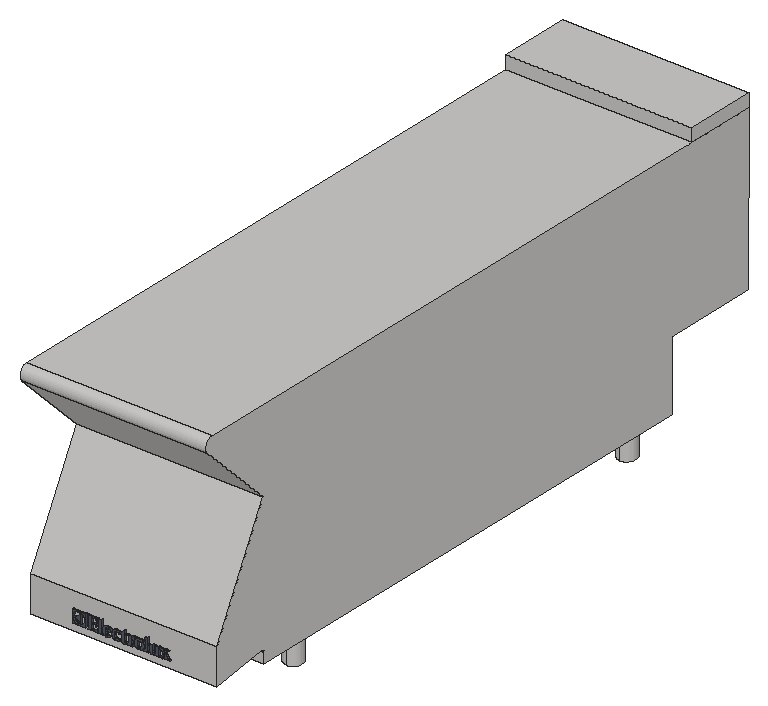
Revit family "QF_ELECTROLUXPROFESSIONAL_371115_E7WTNBN000", category Specialty Equipment, Revit 2018
Family settings
  Round Connector Dimension = Use Diameter
  Part Type = Normal
  Work Plane-Based = No
  Always vertical = Yes
  Cut with Voids When Loaded = No
  Shared = No
  Room Calculation Point = No
Parameters
  Width = 200 mm  # constant formula
  Weight in Pounds = 0
  URL Cutsheet = "www.electrolux.com"
  URL = "www.electrolux.com"
  Type Mark [instance] = ""
  Status [instance] = ""
  Specification by User [instance] = ""
  Specification by Manufacturer = ""
  Show Logo [instance] = yes
  Serial Number = ""
  Seismic Rating = ""
  SMACNA No = ""
  Revision Code [instance] = ""
  Omniclass Number and Title = ""
  NAFEM Spec ID Number = ""
  Model = "371115"
  Masterspec = ""
  Manufacturer = "ELECTROLUX"
  Item Number [instance] = ""
  Installed By [instance] = ""
  Identify Quantity as Lot [instance] = yes
  Height = 288.925 mm  # constant formula
  Furnished By [instance] = ""
  Foodservice Equipment Identifier [instance] = yes
  Direct Waste Size = 0"
  Description = "700XP 1/4 Module Ambient Worktop with Closed Front"
  Depth = 730.25 mm  # constant formula
  CSI MasterFormat = ""
  CSI Master Format = ""
  Base Height = 23.813 mm  # constant formula
Reference planes
  plane 1 "BACK": y = 0
  plane 2: z = 0
  plane 3 "LEFT": x = 0
  plane 4 "RIGHT": x = 200
  plane 5 "FRONT": y = -730.25
  plane 6 "TOP": z = 274.638
  plane 7 "Center Y": x = 100
  plane 8 "Center X": y = -365.125
  plane 9: z = 23.813
  plane 10: z = 288.925
Forms (mm)
  Extrusion 1, solid, material "QF_Finishes_Stainless Steel"
    sketch origin (0, 0, 0) x (0, 1, 0) y (0, 0, 1)
      loop
        line (0, 98.425) -> (0, 274.638) -> (-721.5, 274.638)
        arc (-721.5, 274.638) -> (-729.472, 269.31) -> (-727.602, 259.906) r 8.63
        line (-727.602, 259.906) -> (-654.039, 186.343) -> (-715.962, 68.584) -> (-715.962, 30.162) -> (-655.839, 38.612)
        arc (-655.839, 38.612) -> (-653.314, 37.864) -> (-652.222, 35.468) r 3.175
        line (-652.222, 35.468) -> (-652.222, 23.813) -> (-103.188, 23.813) -> (-103.188, 98.425) -> (0, 98.425)
    from 0 to 200
  Extrusion 2, solid, material "QF_Finishes_Stainless Steel"
    sketch origin (0, 0, 0) x (1, 0, 0) y (0, 1, 0)
      loop
        circle (11.112, -149.225) r 9.525
      loop
        circle (188.888, -149.225) r 9.525
      loop
        circle (11.112, -598.488) r 9.525
      loop
        circle (188.888, -598.488) r 9.525
    from 0 to 23.812
  Extrusion 3, solid, material "QF_Finishes_Stainless Steel"
    sketch origin (0, 0, 0) x (0, 1, 0) y (0, 0, 1)
      loop
        line (0, 274.638) -> (0, 288.925) -> (-76.2, 288.925) -> (-76.2, 274.638) -> (0, 274.638)
    from 0 to 200
  Extrusion 4, solid, material "QF_Finishes_Navy Blue", visible <- "Show Logo"
    sketch origin (10.429, -715.962, -347.662) x (0, 0, 1) y (-1, 0, 0)
      loop
        line (399.239, -44.568) -> (386.873, -44.568)
        arc (386.873, -44.568) -> (393.056, -49.139) -> (399.239, -44.568) r 6.467
      loop
        arc (399.239, -43.939) -> (398.07, -38.796) -> (393.414, -36.318) r 6.338
        line (393.414, -36.318) -> (393.414, -38.364)
        arc (393.414, -38.364) -> (394.898, -42.019) -> (398.344, -43.939) r 5.941
        line (398.344, -43.939) -> (399.239, -43.939)
      loop
        arc (387.768, -43.939) -> (391.214, -42.019) -> (392.697, -38.364) r 5.941
        line (392.697, -38.364) -> (392.697, -36.318)
        arc (392.697, -36.318) -> (388.003, -38.792) -> (386.714, -43.939) r 6.504
        line (386.714, -43.939) -> (387.768, -43.939)
      loop
        line (399.914, -35.849) -> (386.17, -35.849) -> (386.17, -49.611) -> (399.914, -49.611) -> (399.914, -35.849)
      loop
        arc (399.998, -52.579) -> (399.65, -52.222) -> (399.283, -52.559) r 0.358
        arc (399.283, -52.559) -> (398.969, -53.31) -> (398.252, -53.694) r 1.216
        line (398.252, -53.694) -> (387.839, -53.694)
        arc (387.839, -53.694) -> (387.179, -53.417) -> (386.783, -52.821) r 1.238
        arc (386.783, -52.821) -> (386.389, -52.57) -> (386.083, -52.924) r 0.358
        line (386.083, -52.924) -> (386.083, -62.803) -> (388.834, -62.803) -> (388.834, -61.905)
        arc (388.834, -61.905) -> (387.925, -61.326) -> (387.47, -60.348) r 1.928
        line (387.47, -60.348) -> (387.47, -57.849)
        arc (387.47, -57.849) -> (387.745, -57.121) -> (388.434, -56.757) r 1.101
        line (388.434, -56.757) -> (392.52, -56.757) -> (392.52, -60.43)
        arc (392.52, -60.43) -> (392.167, -60.927) -> (391.602, -61.155) r 1.083
        arc (391.602, -61.155) -> (391.339, -61.46) -> (391.631, -61.738) r 0.292
        line (391.631, -61.738) -> (394.593, -61.738)
        arc (394.593, -61.738) -> (394.896, -61.466) -> (394.657, -61.136) r 0.305
        arc (394.657, -61.136) -> (394.167, -60.887) -> (393.862, -60.43) r 1.083
        line (393.862, -60.43) -> (393.862, -56.757) -> (398.539, -56.757) -> (398.539, -60.504)
        arc (398.539, -60.504) -> (398.325, -61.259) -> (397.718, -61.758) r 1.314
        arc (397.718, -61.758) -> (397.499, -62.162) -> (397.854, -62.454) r 0.361
        line (397.854, -62.454) -> (399.998, -62.454) -> (399.998, -52.579)
      loop
        arc (399.28, -63.235) -> (398.9, -64.153) -> (397.981, -64.534) r 1.299
        line (397.981, -64.534) -> (388.403, -64.534)
        arc (388.403, -64.534) -> (387.565, -64.156) -> (387.293, -63.278) r 1.118
        line (387.293, -63.278) -> (386.083, -63.278) -> (386.083, -68.627) -> (387.272, -68.627)
        arc (387.272, -68.627) -> (387.543, -67.711) -> (388.413, -67.314) r 1.153
        line (388.413, -67.314) -> (400.486, -67.314) -> (399.28, -63.235)
      loop
        line (391.048, -71.264) -> (391.048, -77.711) -> (391.847, -77.711)
        arc (391.847, -77.711) -> (394.428, -76.726) -> (395.696, -74.273) r 3.874
        line (395.696, -74.273) -> (395.696, -72.512)
        arc (395.696, -72.512) -> (394.51, -69.648) -> (391.645, -68.461) r 4.051
        line (391.645, -68.461) -> (389.637, -68.461)
        arc (389.637, -68.461) -> (386.819, -69.946) -> (385.767, -72.953) r 4.352
        arc (385.767, -72.953) -> (386.131, -75.417) -> (387.509, -77.491) r 5.713
        line (387.509, -77.491) -> (388.458, -77.491)
        arc (388.458, -77.491) -> (387.725, -75.922) -> (387.509, -74.204) r 5.579
        arc (387.509, -74.204) -> (388.303, -72.24) -> (390.182, -71.264) r 3.057
        line (390.182, -71.264) -> (391.048, -71.264)
      loop
        line (392.307, -71.264) -> (392.307, -74.846)
        arc (392.307, -74.846) -> (393.764, -74.893) -> (394.647, -73.733) r 1.59
        line (394.647, -73.733) -> (394.647, -72.904)
        arc (394.647, -72.904) -> (393.783, -71.648) -> (392.307, -71.264) r 2.184
      loop
        arc (395.098, -87.129) -> (395.587, -85.455) -> (395.745, -83.718) r 9.023
        line (395.745, -83.718) -> (395.745, -82.355)
        arc (395.745, -82.355) -> (394.585, -79.556) -> (391.786, -78.396) r 3.959
        line (391.786, -78.396) -> (389.185, -78.396)
        arc (389.185, -78.396) -> (386.904, -79.689) -> (385.786, -82.062) r 4.331
        line (385.786, -82.062) -> (385.786, -84.197)
        arc (385.786, -84.197) -> (386.294, -85.747) -> (387.216, -87.092) r 5.772
        arc (387.216, -87.092) -> (387.978, -87.143) -> (388.064, -86.385) r 0.553
        arc (388.064, -86.385) -> (387.676, -85.651) -> (387.543, -84.832) r 2.573
        line (387.543, -84.832) -> (387.543, -83.316)
        arc (387.543, -83.316) -> (388.548, -81.675) -> (390.363, -81.032) r 2.884
        line (390.363, -81.032) -> (391.642, -81.032)
        arc (391.642, -81.032) -> (393.463, -81.592) -> (394.39, -83.257) r 2.554
        line (394.39, -83.257) -> (394.39, -84.311)
        arc (394.39, -84.311) -> (394.058, -85.239) -> (393.401, -85.974) r 2.564
        arc (393.401, -85.974) -> (393.18, -86.691) -> (393.789, -87.129) r 0.643
        line (393.789, -87.129) -> (395.098, -87.129)
      loop
        line (394.08, -87.399) -> (394.08, -88.9) -> (388.032, -88.9)
        arc (388.032, -88.9) -> (386.444, -89.558) -> (385.786, -91.146) r 2.246
        line (385.786, -91.146) -> (385.786, -92.729)
        arc (385.786, -92.729) -> (386.1, -93.594) -> (386.601, -94.366) r 4.06
        arc (386.601, -94.366) -> (387.333, -94.498) -> (387.584, -93.798) r 0.576
        arc (387.584, -93.798) -> (387.478, -93.272) -> (387.543, -92.739) r 1.69
        arc (387.543, -92.739) -> (388.084, -91.952) -> (388.991, -91.648) r 1.506
        line (388.991, -91.648) -> (394.128, -91.648) -> (394.128, -94.046) -> (394.685, -94.602) -> (395.506, -94.602) -> (395.506, -91.742) -> (398.738, -91.742) -> (394.08, -87.399)
      loop
        line (386.004, -95.499) -> (386.004, -100.886) -> (387.114, -100.886)
        arc (387.114, -100.886) -> (387.508, -99.935) -> (388.459, -99.541) r 1.345
        line (388.459, -99.541) -> (392.075, -99.541)
        arc (392.075, -99.541) -> (392.839, -100.133) -> (393.129, -101.056) r 1.615
        line (393.129, -101.056) -> (393.129, -102.611) -> (395.685, -103.296) -> (395.685, -101.914) -> (393.742, -99.354) -> (395.622, -99.354) -> (395.338, -96.649)
        arc (395.338, -96.649) -> (394.898, -96.118) -> (394.24, -96.319) r 0.621
        arc (394.24, -96.319) -> (393.839, -96.662) -> (393.345, -96.844) r 1.501
        line (393.345, -96.844) -> (388.459, -96.844)
        arc (388.459, -96.844) -> (387.508, -96.45) -> (387.114, -95.499) r 1.345
        line (387.114, -95.499) -> (386.004, -95.499)
      loop
        line (392.106, -102.834) -> (389.413, -102.834)
        arc (389.413, -102.834) -> (386.968, -104.141) -> (385.834, -106.672) r 4.288
        arc (385.834, -106.672) -> (385.77, -108.052) -> (385.834, -109.433) r 15.022
        arc (385.834, -109.433) -> (386.968, -111.963) -> (389.413, -113.271) r 4.288
        line (389.413, -113.271) -> (392.106, -113.271)
        arc (392.106, -113.271) -> (394.551, -111.963) -> (395.685, -109.433) r 4.288
        arc (395.685, -109.433) -> (395.748, -108.052) -> (395.685, -106.672) r 15.022
        arc (395.685, -106.672) -> (394.551, -104.141) -> (392.106, -102.834) r 4.288
      loop
        line (392.31, -105.948) -> (389.209, -105.948)
        arc (389.209, -105.948) -> (387.052, -108.105) -> (389.209, -110.262) r 2.157
        line (389.209, -110.262) -> (392.31, -110.262)
        arc (392.31, -110.262) -> (394.467, -108.105) -> (392.31, -105.948) r 2.157
      loop
        arc (399.291, -113.129) -> (398.921, -114.023) -> (398.027, -114.393) r 1.264
        line (398.027, -114.393) -> (388.162, -114.393)
        arc (388.162, -114.393) -> (387.292, -113.997) -> (387.021, -113.08) r 1.153
        line (387.021, -113.08) -> (386.083, -113.08) -> (386.083, -118.189) -> (387.011, -118.189)
        arc (387.011, -118.189) -> (387.371, -117.416) -> (388.162, -117.102) r 1.153
        line (388.162, -117.102) -> (400.486, -117.102) -> (399.291, -113.129)
      loop
        arc (394.411, -117.726) -> (394.212, -118.79) -> (393.243, -119.273) r 1.215
        line (393.243, -119.273) -> (388.223, -119.273)
        arc (388.223, -119.273) -> (386.609, -119.92) -> (385.888, -121.503) r 2.338
        line (385.888, -121.503) -> (385.888, -123.017)
        arc (385.888, -123.017) -> (386.062, -124.021) -> (386.565, -124.908) r 2.979
        line (386.565, -124.908) -> (386.083, -126.704) -> (386.083, -128.393) -> (395.509, -128.393) -> (395.215, -124.19) -> (394.428, -124.19)
        arc (394.428, -124.19) -> (394.073, -125.025) -> (393.32, -125.534) r 1.605
        line (393.32, -125.534) -> (388.217, -125.534)
        arc (388.217, -125.534) -> (387.797, -124.598) -> (387.724, -123.573) r 2.94
        arc (387.724, -123.573) -> (388.285, -122.473) -> (389.439, -122.03) r 1.724
        line (389.439, -122.03) -> (395.635, -122.03) -> (394.411, -117.726)
      loop
        line (395.44, -129.246) -> (393.767, -131.292) -> (390.593, -133.598) -> (387.137, -130.486)
        arc (387.137, -130.486) -> (386.9, -130.093) -> (386.922, -129.634) r 0.789
        line (386.922, -129.634) -> (386.083, -129.634) -> (386.083, -133.179) -> (386.909, -133.179)
        arc (386.909, -133.179) -> (387.252, -132.816) -> (387.742, -132.908) r 0.52
        line (387.742, -132.908) -> (389.542, -134.38) -> (387.423, -135.755)
        arc (387.423, -135.755) -> (387.022, -135.445) -> (386.935, -134.946) r 0.7
        line (386.935, -134.946) -> (386.083, -134.946) -> (386.083, -140.873) -> (386.97, -140.873)
        arc (386.97, -140.873) -> (387.037, -140.214) -> (387.432, -139.682) r 1.247
        line (387.432, -139.682) -> (391.631, -136.401) -> (394.079, -138.455) -> (395.44, -140.197) -> (395.44, -136.473) -> (393.954, -136.895) -> (392.433, -135.619) -> (394.133, -134.428) -> (395.44, -135.205) -> (395.44, -129.246)
    from 0 to 1.644
Lines and regions (mm)
  symbolic lines
    curve 1: line (0, -730.129, 0) -> (200, -730.129, 0)
    curve 2: line (0, 0, 0) -> (0, -730.129, 0)
    curve 3: line (200, 0, 0) -> (0, 0, 0)
    curve 4: line (200, -730.129, 0) -> (200, 0, 0)
    curve 5: line (0, -76.2, 0) -> (200, -76.2, 0)
    curve 6: line (0, -723.779, 0) -> (200, -723.779, 0)
Dimensions and locks
  equal spacing: plane 3 "LEFT", plane 7 "Center Y", plane 4 "RIGHT"
  "Width": plane 3 "LEFT" to plane 4 "RIGHT"
  equal spacing: plane 5 "FRONT", plane 8 "Center X", plane 1 "BACK"
  "Depth": plane 5 "FRONT" to plane 1 "BACK"
  "Height": plane 10 to level
  plane 9 to Extrusion 1 = 74.612 mm
  plane 1 "BACK" to Extrusion 1 = 103.188 mm
  plane 1 "BACK" to Extrusion 1 = 715.962 mm
  "Base Height": plane 9 to level
  aligned and locked: level to plane 2
  aligned and locked: plane 4 "RIGHT" to Extrusion 1
  aligned and locked: plane 4 "RIGHT" to Extrusion 3
Automatic sketch dimensions
  Extrusion 1 sketch curve to plane 6 "TOP" = 0 mm
  Extrusion 1 sketch curve to plane 9 = 0 mm
  Extrusion 1 sketch curve to plane 1 "BACK" = 0 mm
  plane 9 to Extrusion 1 sketch curve = 11.656 mm
  Extrusion 1 sketch curve to Extrusion 1 sketch curve = 3.175 mm
  plane 9 to Extrusion 1 sketch curve = 14.8 mm
  plane 9 to Extrusion 1 sketch curve = 6.35 mm
  Extrusion 1 sketch curve to plane 5 "FRONT" = 14.288 mm
  Extrusion 1 sketch curve to plane 5 "FRONT" = 8.75 mm
  Extrusion 1 sketch curve to plane 5 "FRONT" = 2.648 mm
  Extrusion 1 sketch curve to Extrusion 1 sketch curve = 38.422 mm
  plane 9 to Extrusion 1 sketch curve = 74.613 mm
  Extrusion 1 sketch curve to plane 6 "TOP" = 88.295 mm
  Extrusion 1 sketch curve to plane 6 "TOP" = 14.732 mm
  Extrusion 1 sketch curve to Extrusion 1 sketch curve = 60.124 mm
  Extrusion 1 sketch curve to plane 5 "FRONT" = 76.211 mm
  Extrusion 3 sketch curve to plane 6 "TOP" = 0 mm
  Extrusion 3 sketch curve to plane 1 "BACK" = 0 mm
  Extrusion 3 sketch curve to plane 10 = 0 mm
  curve 1 to plane 3 "LEFT" = 0 mm
  plane 1 "BACK" to curve 4 = 0 mm
  curve 4 to plane 4 "RIGHT" = 0 mm
  curve 6 to plane 5 "FRONT" = 6.471 mm
  curve 2 to plane 5 "FRONT" = 0.121 mm
  plane 3 "LEFT" to Extrusion 2 sketch curve = 11.112 mm  (x2)
  Extrusion 2 sketch curve to plane 4 "RIGHT" = 11.112 mm  (x2)
  Extrusion 2 sketch curve to plane 5 "FRONT" = 122.237 mm  (x2)
  Extrusion 2 sketch curve to Extrusion 2 sketch curve = 9.525 mm  (x4)
  plane 1 "BACK" to curve 5 = 76.2 mm
  plane 1 "BACK" to Extrusion 1 sketch curve = 103.188 mm
  Extrusion 2 sketch curve to Extrusion 2 sketch curve = 0 mm  (x2)
  plane 1 "BACK" to Extrusion 2 sketch curve = 158.75 mm  (x2)
  Extrusion 3 sketch curve to Extrusion 3 sketch curve = 76.2 mm
  plane 9 to Extrusion 4 sketch curve = 9.251 mm
  plane 9 to Extrusion 4 sketch curve = 14.292 mm
  plane 9 to Extrusion 4 sketch curve = 14.311 mm
  Extrusion 4 sketch curve to Extrusion 4 sketch curve = 0 mm  (x28)
  Extrusion 4 sketch curve to Extrusion 4 sketch curve = 5.108 mm  (x2)
  Extrusion 4 sketch curve to Extrusion 4 sketch curve = 0.054 mm
  Extrusion 4 sketch curve to Extrusion 4 sketch curve = 0.218 mm
  Extrusion 4 sketch curve to Extrusion 4 sketch curve = 0.195 mm
  Extrusion 4 sketch curve to Extrusion 4 sketch curve = 0.249 mm
  plane 9 to Extrusion 4 sketch curve = 14.608 mm
  Extrusion 4 sketch curve to Extrusion 4 sketch curve = 0.087 mm
  Extrusion 4 sketch curve to Extrusion 4 sketch curve = 0.358 mm
  Extrusion 4 sketch curve to Extrusion 4 sketch curve = 0.481 mm
  Extrusion 4 sketch curve to Extrusion 4 sketch curve = 0.597 mm
  Extrusion 4 sketch curve to Extrusion 4 sketch curve = 0.544 mm
  Extrusion 4 sketch curve to Extrusion 4 sketch curve = 0.936 mm
  Extrusion 4 sketch curve to Extrusion 4 sketch curve = 0.594 mm
  Extrusion 4 sketch curve to Extrusion 4 sketch curve = 0.343 mm
  Extrusion 4 sketch curve to Extrusion 4 sketch curve = 0.159 mm
  Extrusion 4 sketch curve to Extrusion 4 sketch curve = 0.826 mm
  Extrusion 4 sketch curve to Extrusion 4 sketch curve = 0.839 mm
  Extrusion 4 sketch curve to Extrusion 4 sketch curve = 0.852 mm
  Extrusion 4 sketch curve to Extrusion 4 sketch curve = 0.887 mm
  Extrusion 4 sketch curve to Extrusion 4 sketch curve = 0.928 mm
  Extrusion 4 sketch curve to Extrusion 4 sketch curve = 0.938 mm
  Extrusion 4 sketch curve to Extrusion 4 sketch curve = 0.444 mm
  Extrusion 4 sketch curve to Extrusion 4 sketch curve = 1.11 mm  (x3)
  Extrusion 4 sketch curve to Extrusion 4 sketch curve = 0.215 mm
  Extrusion 4 sketch curve to Extrusion 4 sketch curve = 1.43 mm
  Extrusion 4 sketch curve to Extrusion 4 sketch curve = 1.188 mm
  Extrusion 4 sketch curve to Extrusion 4 sketch curve = 1.21 mm  (x2)
  Extrusion 4 sketch curve to Extrusion 4 sketch curve = 0.503 mm
  Extrusion 4 sketch curve to Extrusion 4 sketch curve = 0.488 mm
  Extrusion 4 sketch curve to Extrusion 4 sketch curve = 0.462 mm
  Extrusion 4 sketch curve to Extrusion 4 sketch curve = 1.386 mm
  Extrusion 4 sketch curve to Extrusion 4 sketch curve = 1.742 mm  (x2)
  Extrusion 4 sketch curve to Extrusion 4 sketch curve = 0.821 mm
  Extrusion 4 sketch curve to Extrusion 4 sketch curve = 0.497 mm
  Extrusion 4 sketch curve to Extrusion 4 sketch curve = 0.539 mm
  Extrusion 4 sketch curve to Extrusion 4 sketch curve = 0.686 mm
  Extrusion 4 sketch curve to Extrusion 4 sketch curve = 0.408 mm
  Extrusion 4 sketch curve to Extrusion 4 sketch curve = 0.743 mm
  Extrusion 4 sketch curve to Extrusion 4 sketch curve = 1.16 mm
  Extrusion 4 sketch curve to Extrusion 4 sketch curve = 0.329 mm
  Extrusion 4 sketch curve to Extrusion 4 sketch curve = 1.054 mm
  Extrusion 4 sketch curve to Extrusion 4 sketch curve = 1.056 mm
  Extrusion 4 sketch curve to Extrusion 4 sketch curve = 0.129 mm
  Extrusion 4 sketch curve to Extrusion 4 sketch curve = 0.489 mm
  Extrusion 4 sketch curve to Extrusion 4 sketch curve = 0.441 mm
  Extrusion 4 sketch curve to Extrusion 4 sketch curve = 1.151 mm
  Extrusion 4 sketch curve to Extrusion 4 sketch curve = 1.141 mm  (x2)
  Extrusion 4 sketch curve to Extrusion 4 sketch curve = 0.768 mm
  Extrusion 4 sketch curve to Extrusion 4 sketch curve = 1.653 mm
  Extrusion 4 sketch curve to Extrusion 4 sketch curve = 0.499 mm
  Extrusion 4 sketch curve to Extrusion 4 sketch curve = 0.964 mm
  Extrusion 4 sketch curve to Extrusion 4 sketch curve = 0.949 mm
  Extrusion 4 sketch curve to Extrusion 4 sketch curve = 1.345 mm  (x2)
  Extrusion 4 sketch curve to Extrusion 4 sketch curve = 1.101 mm
  Extrusion 4 sketch curve to Extrusion 4 sketch curve = 0.432 mm
  Extrusion 4 sketch curve to Extrusion 4 sketch curve = 1.142 mm
  Extrusion 4 sketch curve to Extrusion 4 sketch curve = 0.959 mm
  Extrusion 4 sketch curve to Extrusion 4 sketch curve = 0.176 mm
  Extrusion 4 sketch curve to Extrusion 4 sketch curve = 0.728 mm
  Extrusion 4 sketch curve to Extrusion 4 sketch curve = 3.375 mm  (x2)
  Extrusion 4 sketch curve to Extrusion 4 sketch curve = 0.541 mm
  Extrusion 4 sketch curve to Extrusion 4 sketch curve = 0.955 mm
  Extrusion 4 sketch curve to Extrusion 4 sketch curve = 1.251 mm
  Extrusion 4 sketch curve to Extrusion 4 sketch curve = 0.572 mm
  Extrusion 4 sketch curve to Extrusion 4 sketch curve = 1.92 mm
  Extrusion 4 sketch curve to Extrusion 4 sketch curve = 1.224 mm
  Extrusion 4 sketch curve to Extrusion 4 sketch curve = 0.745 mm
  Extrusion 4 sketch curve to Extrusion 4 sketch curve = 2.537 mm
  Extrusion 4 sketch curve to Extrusion 4 sketch curve = 0.896 mm  (x3)
  Extrusion 4 sketch curve to Extrusion 4 sketch curve = 0.036 mm
  Extrusion 4 sketch curve to Extrusion 4 sketch curve = 2.607 mm
  Extrusion 4 sketch curve to Extrusion 4 sketch curve = 0.066 mm
  Extrusion 4 sketch curve to Extrusion 4 sketch curve = 0.248 mm
  Extrusion 4 sketch curve to Extrusion 4 sketch curve = 0.449 mm
  Extrusion 4 sketch curve to Extrusion 4 sketch curve = 1.052 mm
  Extrusion 4 sketch curve to Extrusion 4 sketch curve = 1.863 mm
  Extrusion 4 sketch curve to Extrusion 4 sketch curve = 1.31 mm  (x2)
  Extrusion 4 sketch curve to Extrusion 4 sketch curve = 0.901 mm
  Extrusion 4 sketch curve to Extrusion 4 sketch curve = 1.107 mm
  Extrusion 4 sketch curve to Extrusion 4 sketch curve = 2.122 mm
  plane 7 "Center Y" to Extrusion 4 sketch curve = 11.485 mm
  Extrusion 4 sketch curve to Extrusion 4 sketch curve = 2.101 mm
  Extrusion 4 sketch curve to Extrusion 4 sketch curve = 0.106 mm
  Extrusion 4 sketch curve to Extrusion 4 sketch curve = 0.029 mm
  Extrusion 4 sketch curve to Extrusion 4 sketch curve = 2.09 mm
  Extrusion 4 sketch curve to Extrusion 4 sketch curve = 1.279 mm
  Extrusion 4 sketch curve to Extrusion 4 sketch curve = 2.008 mm
  Extrusion 4 sketch curve to Extrusion 4 sketch curve = 0.738 mm
  Extrusion 4 sketch curve to Extrusion 4 sketch curve = 0.382 mm
  Extrusion 4 sketch curve to Extrusion 4 sketch curve = 0.384 mm
  Extrusion 4 sketch curve to Extrusion 4 sketch curve = 0.002 mm
  plane 7 "Center Y" to Extrusion 4 sketch curve = 9.971 mm
  Extrusion 4 sketch curve to Extrusion 4 sketch curve = 0.561 mm
  Extrusion 4 sketch curve to Extrusion 4 sketch curve = 1.023 mm
  Extrusion 4 sketch curve to Extrusion 4 sketch curve = 2.692 mm
  Extrusion 4 sketch curve to Extrusion 4 sketch curve = 1.259 mm
  Extrusion 4 sketch curve to Extrusion 4 sketch curve = 0.802 mm
  Extrusion 4 sketch curve to Extrusion 4 sketch curve = 1.024 mm  (x2)
  Extrusion 4 sketch curve to Extrusion 4 sketch curve = 0.682 mm
  Extrusion 4 sketch curve to Extrusion 4 sketch curve = 5.934 mm
  Extrusion 4 sketch curve to Extrusion 4 sketch curve = 2.186 mm
  Extrusion 4 sketch curve to Extrusion 4 sketch curve = 0.337 mm
  Extrusion 4 sketch curve to Extrusion 4 sketch curve = 0.021 mm
  Extrusion 4 sketch curve to Extrusion 4 sketch curve = 1.005 mm
  Extrusion 4 sketch curve to Extrusion 4 sketch curve = 0.552 mm
  Extrusion 4 sketch curve to Extrusion 4 sketch curve = 0.778 mm
  Extrusion 4 sketch curve to Extrusion 4 sketch curve = 0.063 mm
  Extrusion 4 sketch curve to Extrusion 4 sketch curve = 3.804 mm
  Extrusion 4 sketch curve to Extrusion 4 sketch curve = 0.486 mm
  Extrusion 4 sketch curve to Extrusion 4 sketch curve = 0.266 mm  (x2)
  Extrusion 4 sketch curve to Extrusion 4 sketch curve = 1.547 mm
  Extrusion 4 sketch curve to Extrusion 4 sketch curve = 0.717 mm  (x2)
  plane 7 "Center Y" to Extrusion 4 sketch curve = 9.784 mm
  Extrusion 4 sketch curve to Extrusion 4 sketch curve = 1.667 mm
  Extrusion 4 sketch curve to Extrusion 4 sketch curve = 3.174 mm
  Extrusion 4 sketch curve to Extrusion 4 sketch curve = 0.388 mm
  Extrusion 4 sketch curve to Extrusion 4 sketch curve = 1.342 mm
  Extrusion 4 sketch curve to Extrusion 4 sketch curve = 1.521 mm
  Extrusion 4 sketch curve to Extrusion 4 sketch curve = 0.124 mm
  Extrusion 4 sketch curve to Extrusion 4 sketch curve = 0.291 mm
  plane 7 "Center Y" to Extrusion 4 sketch curve = 4.475 mm
  Extrusion 4 sketch curve to Extrusion 4 sketch curve = 1.049 mm  (x2)
  Extrusion 4 sketch curve to Extrusion 4 sketch curve = 1.7 mm
  Extrusion 4 sketch curve to Extrusion 4 sketch curve = 0.894 mm
  Extrusion 4 sketch curve to Extrusion 4 sketch curve = 0.989 mm
  Extrusion 4 sketch curve to Extrusion 4 sketch curve = 1.168 mm
  Extrusion 4 sketch curve to Extrusion 4 sketch curve = 1.594 mm
  Extrusion 4 sketch curve to Extrusion 4 sketch curve = 0.731 mm
  Extrusion 4 sketch curve to Extrusion 4 sketch curve = 1.566 mm
  Extrusion 4 sketch curve to Extrusion 4 sketch curve = 0.064 mm
  plane 7 "Center Y" to Extrusion 4 sketch curve = 5.031 mm
  Extrusion 4 sketch curve to Extrusion 4 sketch curve = 0.556 mm  (x2)
  Extrusion 4 sketch curve to Extrusion 4 sketch curve = 0.48 mm
  Extrusion 4 sketch curve to Extrusion 4 sketch curve = 1.018 mm
  Extrusion 4 sketch curve to Extrusion 4 sketch curve = 0.787 mm
  Extrusion 4 sketch curve to Extrusion 4 sketch curve = 0.618 mm
  Extrusion 4 sketch curve to Extrusion 4 sketch curve = 1.672 mm
  Extrusion 4 sketch curve to Extrusion 4 sketch curve = 1.361 mm
  Extrusion 4 sketch curve to Extrusion 4 sketch curve = 0.822 mm
  Extrusion 4 sketch curve to Extrusion 4 sketch curve = 0.069 mm
  Extrusion 4 sketch curve to Extrusion 4 sketch curve = 1.88 mm
  Extrusion 4 sketch curve to Extrusion 4 sketch curve = 0.42 mm
  Extrusion 4 sketch curve to Extrusion 4 sketch curve = 0.062 mm
  Extrusion 4 sketch curve to Extrusion 4 sketch curve = 1.355 mm
  Extrusion 4 sketch curve to Extrusion 4 sketch curve = 2.34 mm
  Extrusion 4 sketch curve to Extrusion 4 sketch curve = 0.493 mm
  Extrusion 4 sketch curve to Extrusion 4 sketch curve = 0.136 mm
  Extrusion 4 sketch curve to Extrusion 4 sketch curve = 0.128 mm
  Extrusion 4 sketch curve to Extrusion 4 sketch curve = 3.616 mm
  Extrusion 4 sketch curve to Extrusion 4 sketch curve = 4.207 mm
  Extrusion 4 sketch curve to Extrusion 4 sketch curve = 0.183 mm
  Extrusion 4 sketch curve to Extrusion 4 sketch curve = 0.895 mm
  Extrusion 4 sketch curve to Extrusion 4 sketch curve = 1.314 mm
  Extrusion 4 sketch curve to Extrusion 4 sketch curve = 3.231 mm
  Extrusion 4 sketch curve to Extrusion 4 sketch curve = 1.299 mm
  Extrusion 4 sketch curve to Extrusion 4 sketch curve = 1.214 mm
  plane 7 "Center Y" to Extrusion 4 sketch curve = 23.558 mm
  Extrusion 4 sketch curve to Extrusion 4 sketch curve = 1.264 mm
  Extrusion 4 sketch curve to Extrusion 4 sketch curve = 0.109 mm
  Extrusion 4 sketch curve to Extrusion 4 sketch curve = 0.357 mm
  Extrusion 4 sketch curve to Extrusion 4 sketch curve = 0.565 mm
  Extrusion 4 sketch curve to Extrusion 4 sketch curve = 2.504 mm
  Extrusion 4 sketch curve to Extrusion 4 sketch curve = 2.459 mm
  Extrusion 4 sketch curve to Extrusion 4 sketch curve = 2.708 mm
  Extrusion 4 sketch curve to Extrusion 4 sketch curve = 3.333 mm
  Extrusion 4 sketch curve to Extrusion 4 sketch curve = 0.332 mm
  Extrusion 4 sketch curve to Extrusion 4 sketch curve = 1.087 mm
  Extrusion 4 sketch curve to Extrusion 4 sketch curve = 2.23 mm
  Extrusion 4 sketch curve to Extrusion 4 sketch curve = 2.757 mm
  Extrusion 4 sketch curve to Extrusion 4 sketch curve = 0.987 mm
  Extrusion 4 sketch curve to Extrusion 4 sketch curve = 1.529 mm
  Extrusion 4 sketch curve to Extrusion 4 sketch curve = 1.796 mm
  Extrusion 4 sketch curve to Extrusion 4 sketch curve = 2.859 mm
  Extrusion 4 sketch curve to Extrusion 4 sketch curve = 0.853 mm
  Extrusion 4 sketch curve to Extrusion 4 sketch curve = 1.241 mm
  Extrusion 4 sketch curve to Extrusion 4 sketch curve = 2.046 mm  (x2)
  Extrusion 4 sketch curve to Extrusion 4 sketch curve = 2.422 mm
  Extrusion 4 sketch curve to Extrusion 4 sketch curve = 0.27 mm  (x2)
  Extrusion 4 sketch curve to Extrusion 4 sketch curve = 0.69 mm
  Extrusion 4 sketch curve to Extrusion 4 sketch curve = 0.781 mm  (x2)
  Extrusion 4 sketch curve to Extrusion 4 sketch curve = 3.136 mm
  Extrusion 4 sketch curve to Extrusion 4 sketch curve = 1.767 mm
  Extrusion 4 sketch curve to Extrusion 4 sketch curve = 0.138 mm
  Extrusion 4 sketch curve to Extrusion 4 sketch curve = 0.777 mm
  Extrusion 4 sketch curve to Extrusion 4 sketch curve = 1.19 mm
  Extrusion 4 sketch curve to Extrusion 4 sketch curve = 0.782 mm
  Extrusion 4 sketch curve to Extrusion 4 sketch curve = 1.268 mm
  Extrusion 4 sketch curve to Extrusion 4 sketch curve = 0.422 mm  (x2)
  Extrusion 4 sketch curve to Extrusion 4 sketch curve = 1.559 mm
  Extrusion 4 sketch curve to Extrusion 4 sketch curve = 3.927 mm
  Extrusion 4 sketch curve to Extrusion 4 sketch curve = 0.983 mm
  Extrusion 4 sketch curve to Extrusion 4 sketch curve = 1.122 mm
  Extrusion 4 sketch curve to Extrusion 4 sketch curve = 1.153 mm
  Extrusion 4 sketch curve to Extrusion 4 sketch curve = 3.009 mm
  Extrusion 4 sketch curve to Extrusion 4 sketch curve = 0.829 mm  (x2)
  Extrusion 4 sketch curve to Extrusion 4 sketch curve = 0.934 mm
  plane 7 "Center Y" to Extrusion 4 sketch curve = 13.726 mm
  Extrusion 4 sketch curve to Extrusion 4 sketch curve = 0.222 mm
  Extrusion 4 sketch curve to Extrusion 4 sketch curve = 1.383 mm
  Extrusion 4 sketch curve to Extrusion 4 sketch curve = 2.51 mm
  Extrusion 4 sketch curve to Extrusion 4 sketch curve = 0.131 mm
  Extrusion 4 sketch curve to Extrusion 4 sketch curve = 1.134 mm
  Extrusion 4 sketch curve to Extrusion 4 sketch curve = 0.366 mm
  Extrusion 4 sketch curve to Extrusion 4 sketch curve = 0.094 mm
  Extrusion 4 sketch curve to Extrusion 4 sketch curve = 1.584 mm
  Extrusion 4 sketch curve to Extrusion 4 sketch curve = 1.501 mm
  Extrusion 4 sketch curve to Extrusion 4 sketch curve = 1.808 mm
  Extrusion 4 sketch curve to Extrusion 4 sketch curve = 0.643 mm
  Extrusion 4 sketch curve to Extrusion 4 sketch curve = 0.916 mm
  Extrusion 4 sketch curve to Extrusion 4 sketch curve = 0.352 mm
  Extrusion 4 sketch curve to Extrusion 4 sketch curve = 0.458 mm
  Extrusion 4 sketch curve to Extrusion 4 sketch curve = 1.282 mm
  Extrusion 4 sketch curve to Extrusion 4 sketch curve = 1.363 mm
  Extrusion 4 sketch curve to Extrusion 4 sketch curve = 0.685 mm
  Extrusion 4 sketch curve to Extrusion 4 sketch curve = 0.905 mm
  Extrusion 4 sketch curve to Extrusion 4 sketch curve = 2.865 mm
  Extrusion 4 sketch curve to Extrusion 4 sketch curve = 0.472 mm
  Extrusion 4 sketch curve to Extrusion 4 sketch curve = 0.101 mm
  Extrusion 4 sketch curve to Extrusion 4 sketch curve = 0.54 mm
  Extrusion 4 sketch curve to Extrusion 4 sketch curve = 0.02 mm
  Extrusion 4 sketch curve to Extrusion 4 sketch curve = 0.468 mm
  Extrusion 4 sketch curve to Extrusion 4 sketch curve = 0.582 mm
  Extrusion 4 sketch curve to Extrusion 4 sketch curve = 0.166 mm
  Extrusion 4 sketch curve to Extrusion 4 sketch curve = 0.16 mm
  Extrusion 4 sketch curve to Extrusion 4 sketch curve = 2.781 mm
  Extrusion 4 sketch curve to Extrusion 4 sketch curve = 1.118 mm
  Extrusion 4 sketch curve to Extrusion 4 sketch curve = 0.613 mm
  Extrusion 4 sketch curve to Extrusion 4 sketch curve = 0.361 mm
  Extrusion 4 sketch curve to Extrusion 4 sketch curve = 0.897 mm
  Extrusion 4 sketch curve to Extrusion 4 sketch curve = 0.167 mm
  Extrusion 4 sketch curve to Extrusion 4 sketch curve = 0.292 mm
  Extrusion 4 sketch curve to Extrusion 4 sketch curve = 0.305 mm
  Extrusion 4 sketch curve to Extrusion 4 sketch curve = 1.557 mm
  Extrusion 4 sketch curve to Extrusion 4 sketch curve = 2.499 mm
  Extrusion 4 sketch curve to Extrusion 4 sketch curve = 3.062 mm
  Extrusion 4 sketch curve to Extrusion 4 sketch curve = 2.968 mm
  Extrusion 4 sketch curve to Extrusion 4 sketch curve = 5.044 mm
  Extrusion 4 sketch curve to Extrusion 4 sketch curve = 0.629 mm  (x2)
  Extrusion 4 sketch curve to Extrusion 4 sketch curve = 1.131 mm
  Extrusion 4 sketch curve to Extrusion 4 sketch curve = 0.137 mm
  Extrusion 4 sketch curve to Extrusion 4 sketch curve = 0.027 mm
  Extrusion 4 sketch curve to Extrusion 4 sketch curve = 2.235 mm
